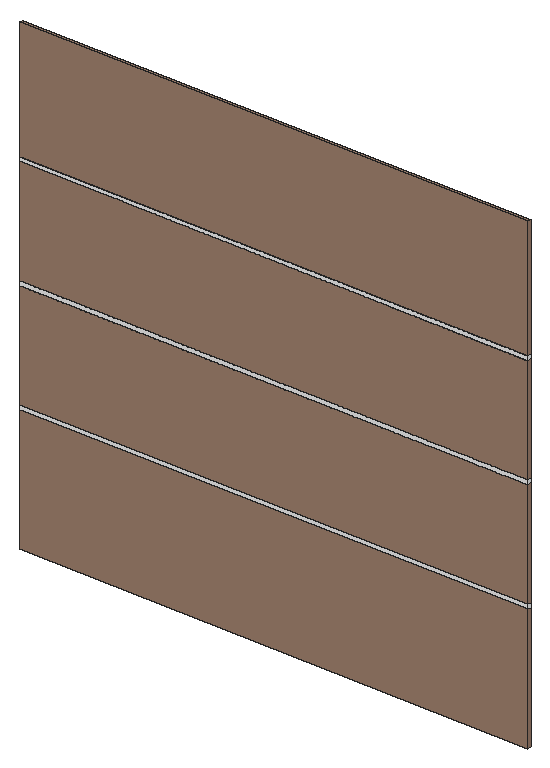
Revit family "GEN_A3-Wall-Tiles-Brown-Tiles", category Generic Models, host Wall, Revit 2015
Parameters (values of type "Wall Tiles")
  width [instance] = 2850.006 mm
  Assembly Code = ""
Types (2): name
  Type 1
  Wall Tiles
Reference planes
  plane 1 "Wall": y = 0
  plane 2 "Center (Left/Right)": x = 50.003
  plane 3 "Back": y = 115
  plane 4: x = 1475.006
  plane 5: x = -1375
  plane 6: z = 2650
  plane 7: z = 700
  plane 8: z = 725
  plane 9: z = 1325
  plane 10: z = 1350
  plane 11: z = 1950
  plane 12: z = 1975
Forms (mm)
  Extrusion 1, solid, material "Finishes - Interior - Center Point - Brown 100x800"
    sketch origin (0, 115, 0) x (1, 0, 0) y (0, 0, 1)
      loop
        line (1475.006, 700) -> (-1375, 700) -> (-1375, 0) -> (1475.006, 0) -> (1475.006, 700)
    from 0 to -20
  Extrusion 2, solid, material "Finishes - Interior - Center Point - Brown 100x800"
    sketch origin (0, 115, 661) x (1, 0, 0) y (0, 0, 1)
      loop
        line (1475.006, 664) -> (-1375, 664) -> (-1375, 64) -> (1475.006, 64) -> (1475.006, 664)
    from 0 to -20
  Extrusion 3, solid, material "Finishes - Interior - Center Point - Brown 100x800"
    sketch origin (0, 115, 1322) x (1, 0, 0) y (0, 0, 1)
      loop
        line (1475.006, 628) -> (-1375, 628) -> (-1375, 28) -> (1475.006, 28) -> (1475.006, 628)
    from 0 to -20
  Extrusion 4, solid, material "Finishes - Interior - Center Point - Brown 100x800"
    sketch origin (0, 115, 1983) x (1, 0, 0) y (0, 0, 1)
      loop
        line (1475.006, 667) -> (-1375, 667) -> (-1375, -8) -> (1475.006, -8) -> (1475.006, 667)
    from 0 to -20
  Extrusion 5, solid, material "Metal - Aluminium"
    sketch origin (0, 115, 0) x (1, 0, 0) y (0, 0, 1)
      loop
        line (1475.006, 1950) -> (1475.006, 1975) -> (-1375, 1975) -> (-1375, 1950) -> (1475.006, 1950)
      loop
        line (1475.006, 1325) -> (1475.006, 1350) -> (-1375, 1350) -> (-1375, 1325) -> (1475.006, 1325)
      loop
        line (-1375, 700) -> (1475.006, 700) -> (1475.006, 725) -> (-1375, 725) -> (-1375, 700)
    from -20 to 0
Text (mm)
  text "Placement side" at (-1848.837, 1116.779, 0), in view "Ref. Level"
  text "Placement side" at (0, 1409.804, 2854.306), in view "Left"
  text "Placement side" at (0, 499.811, 2980.732), in view "Right"
Dimensions and locks
  locked: plane 3 "Back" to host wall
  equal spacing: plane 5, plane 2 "Center (Left/Right)", plane 4
  "width": plane 5 to plane 4
  level to plane 6 = 2650 mm
  level to plane 7 = 700 mm
  plane 7 to plane 8 to plane 9 to plane 10 to plane 11 to plane 12 to plane 6 = 25 mm, 600 mm, 25 mm, 600 mm, 25 mm, 675 mm
  aligned and locked: plane 1 "Wall" to host wall
  aligned and locked: plane 4 to Extrusion 1 sketch curve  (x2)
  aligned and locked: plane 5 to Extrusion 1 sketch curve
  aligned and locked: level to Extrusion 1 sketch curve
  aligned and locked: Extrusion 1 sketch curve to plane 7
  aligned and locked: plane 6 to Extrusion 4  (x3)
  aligned and locked: plane 11 to Extrusion 3
  aligned and locked: Extrusion 4 to plane 12
  aligned and locked: Extrusion 3 to plane 10
  aligned and locked: plane 9 to Extrusion 2
  aligned and locked: Extrusion 2 to plane 8
  aligned and locked: plane 7 to Extrusion 1
  aligned and locked: Extrusion 4 sketch curve to plane 6
  aligned and locked: plane 12 to Extrusion 4 sketch curve
  aligned and locked: plane 4 to Extrusion 4 sketch curve
  aligned and locked: Extrusion 4 sketch curve to plane 5
  aligned and locked: plane 4 to Extrusion 3 sketch curve
  aligned and locked: Extrusion 3 sketch curve to plane 5
  aligned and locked: Extrusion 3 sketch curve to plane 11
  aligned and locked: plane 10 to Extrusion 3 sketch curve
  aligned and locked: plane 4 to Extrusion 2 sketch curve
  aligned and locked: Extrusion 2 sketch curve to plane 5
  aligned and locked: Extrusion 2 sketch curve to plane 9
  aligned and locked: plane 8 to Extrusion 2 sketch curve
  aligned and locked: Extrusion 5 sketch curve to Extrusion 3  (x3)
  aligned and locked: Extrusion 4 to Extrusion 5 sketch curve
  aligned and locked: Extrusion 5 sketch curve to Extrusion 4
  aligned and locked: Extrusion 5 sketch curve to Extrusion 2  (x4)
  aligned and locked: Extrusion 3 to Extrusion 5 sketch curve
  aligned and locked: Extrusion 1 to Extrusion 5 sketch curve
  aligned and locked: Extrusion 5 sketch curve to Extrusion 1
